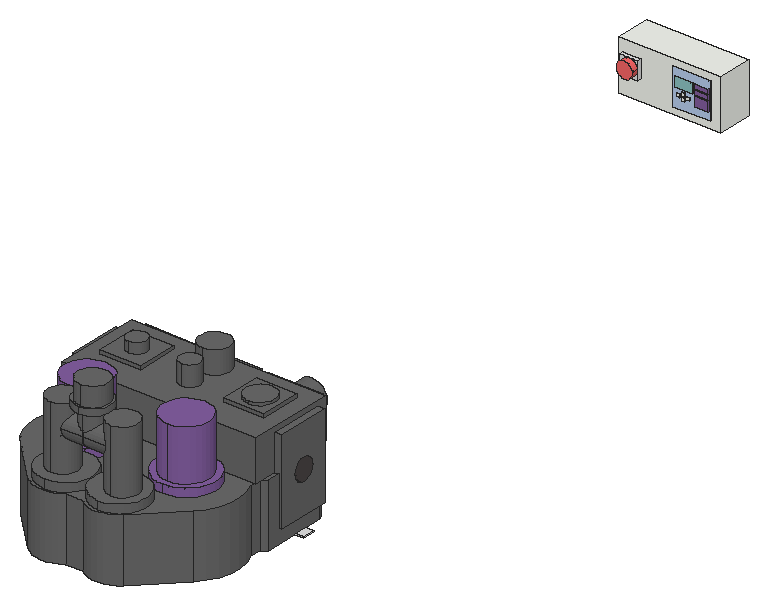
Revit family "11604", category Generic Models, Revit 2021
Family settings
  Can host rebar = No
  Round Connector Dimension = Use Diameter
  Part Type = Normal
  Work Plane-Based = No
  Always vertical = Yes
  Cut with Voids When Loaded = No
  Shared = Yes
  Room Calculation Point = No
Parameters (values of type "11604")
  SUPPLIER = "KESSEL"
  SA700ID50 = "intern"
  SA700ID49 = "Protection Class I"
  SA700ID48 = "no"
  SA700ID47 = "no"
  SA700ID46 = "yes"
  SA700ID37 = 8000 mm
  SA700ID34 = 40
  SA700ID33 = 1.4 W
  SA700ID32 = 62.98 kg
  SA700ID31 = 1
  SA700ID30 = 2
  SA700ID29 = "RWDR"
  SA700ID21 = 800
  SA700ID10 = "yes"
  SA700ID08 = 400 V
  PROCUREWEBLINK = "https://p.caden.as/kessel/11604"
  PROCURELINK = "p.caden.as/kessel/11604"
  PROCUREDATALASTUPDATE = "2024-05-22T12:17:39.630811596+01:00"
  PRC_SPECIFICATIONLINK = "https://ausschreiben.de/catalog/kessel/catalogItem/0b0832e0-ad5c-447e-a7d0-0f3059b07f0c"
  NN = "Lifting station Aqualift F"
  NBSYN = "$SA810ID03."
  NB = "11604"
  Model = "11604"
  Manufacturer = "KESSEL"
  MIdent = "{$CADENAS_DATA/23d-libs/kessel/kessel_vdi_import/4/entwaesserung/hebeanlage20aqualift20f.prj},197 {STYP=ASS},{VTYP=3D},{NB=11604},{LINA=11604},{NN=Lifting station Aqualift F},{DATE=21.11.2022 10:45:45},{GEOMDATE=21.11.2022 10:45:45},{VERSION=},{LINEID=80},{WBVAR=LODLEVEL},{WBNUMERIC=LODLEVEL}  {NB=11604},{LINA=11604},{KT=DUMMY},{PREVIEW=../../bilder/ksb_w_11604.png},{SA700ID04=Hebeanlage Aqualift F Duo, Comfort, SPF 1500-S1},{SA810ID06=04026092071021},{SA700ID34=40.00},{SA010ID03=201805},{SA810ID03=11604},{SA810ID10=Die Hebeanlage für fäkalienhaltiges und fäkalienfreies Abwasser ist mit zwei überflutbaren Pumpen sowie einem Rückflussverhinderer ausgestattet. Der Sammelbehälter aus dauerhaft beständigem Kunststoff (PE) bietet universale Anschlussmöglichkeiten und hat eine verschraubte Reinigungsöffnung.Die Steuerung erfolgt durch ein anwenderfreundliches Schaltgerät, das optional über einen potentialfreien Kontakt in die Gebäudeleittechnik eingebunden werden oder Alarm- und Sammelstörmeldungen über eine GSM-Schnittstelle (Comfort Schaltgerät) ausgeben kann.Ausführung:Absperreinrichtung: ohne SchieberAnlagenart: DoppelanlagePumpensteuerung: SchaltgerätRückflussverhinderer: integriertSchalldämmmatte: jaEinbausituation: freie AufstellungAbwasserart: fäkalienhaltigAllgemeine Merkmale:Farbe: schwarzNorm: EN 12050-1Abmessungen:Länge: 773 mmBreite: 780 mmHöhe: 539 mmBehälter/Grundkörper:Zulauf Anzahl: 2 STZulauf Nennweite (DN): 100 mmZulauf Nennweite (DA): 110 mmZulauf max. Anbohrung (DN): 150 mmAbstand Rohrsohle Zulauf zu Behälterboden: 245 mmAbstand Rohrmitte Zulauf zu Behälterboden: 300 mmAnschluss für Handmembranpumpe (DN): 32Behältervolumen: 120 lDruckabgang: senkrechtDruckabgang (DA): 110 mmDruckabgang (DN): 100 mmEntlüftungsanschluss (DN): 70 mmNutzvolumen: 50 lFreier Kugeldurchgang: 40 mmFördereinrichtung:Pumpe: SPF 1500Anzahl Pumpen: 2Förderhöhe max.: 8 mFörderleistung max.: 40 m3/hBetriebsart: S1Leistung P1: 1,4 kWLeistung P2: 1,1 kWDrehzahl: 1.415 U/minFörderguttemperatur (dauerhaft) max.: 40 °CAnschlusstyp: DirektanschlussGewicht: 27 kgLaufrad Typ: FreistromradLänge Netzanschlussleitung Pumpe: 5 mNennstrom: 2,7 ASchutzart Pumpe: IP 68 (3m/48h)Schutzklasse: ITyp Anschlussleitung Pumpe: H07RN-F 7G 1,5 mm2Temperaturüberwachung: integriertSteuerung:Schaltgerät: ComfortBetriebsspannung: 400 VNetzfrequenz: 50 HzSelbstdiagnosesystem (SDS): jaBatteriepufferung: jaMehrzeilige Displayanzeige: jaLogbuchfunktion: jaGSM-Schnittstelle: jaPotentialfreier Kontakt: jaErforderliche Absicherung (Leitungsschutz): 3 x C 16 AMotorschutz Schalter: jaSchutzart Schaltgerät: IP 54Länge Netzanschlussleitung Schaltgerät: 0 mArt Niveauerfassung: pneumatischInstrument Niveauerfassung: Tauchrohr mit DruckwächterAlarmgeber: Tauchrohr},{SA700ID37=8.00},{SA700ID33=1.40},{SA700ID08=400},{SA700ID30=2},{SA700ID32=62.98},{SA700ID49=Schutzklasse I},{SA700ID50=intern},{SA200ID03=6},{SA250ID03=vertikal},{SA260ID03=Trockenläuferpumpe},{SA350ID03=normalansaugend},{SA400ID03=E-Motor für Drehstrom},{SA460ID03=direkt},{SA500ID03=Kunststoff, Edelstahl},{SA700ID06=100},{SA700ID07=100},{SA700ID09=3/N/PE 400V},{SA700ID10=Ja},{SA700ID11=50},{SA700ID12=IP 68},{SA700ID13=F},{SA700ID15=40},{SA700ID21=800.00},{SA700ID22=1.10},{SA700ID23=1415},{SA700ID24=1415},{SA700ID26=2.70},{SA700ID27=21.00},{SA700ID28=durchgehend},{SA700ID29=RWDR},{SA700ID31=1},{SA700ID46=ja},{SA700ID47=nein},{SA700ID48=nein},{SA110ID04=Hebeanlage Aqualift F},{SA300ID03=einstufig},{SA700ID44=10.00},{SA700ID45=10.00},{SA010ID04=KESSEL AG},{LODLEVEL=200},{LINK=https://www.kessel.de/info?han=11604},{SA970ID01=970},{SA970ID02=7035},{SA970ID03=11604},{SA970ID04=11002617},{SA970ID05=QUAD},{SA970ID06=-410},{SA970ID07=-678},{SA970ID08=0},{SA970ID09=1},{SA970ID10=0},{SA970ID11=0},{SA970ID12=0},{SA970ID13=1},{SA970ID14=0},{SA970ID15=819.99},{SA970ID16=843},{SA970ID17=600},{LODLEVEL_=200,'Low'},{LODLEVEL_DEU=200,'Low'},{LINK_=https://www.kessel.de/info?han=11604},{LINK_DEU=https://www.kessel.de/info?han=11604},{LODLEVEL_3DB=11604_200},{DNIN1=100},{DNIN2=70},{DNIN3=10},{DNIN4=10},{DNIN5=10},{DNIN6=50},{DNIN7=50},{DNIN8=50},{DNIN9=50},{DNOUT1=100},{DNOUT2=70},{DNOUT3=32},{ISDIN1=75},{ISDIN2=83.200},{ISDIN3=10},{ISDOUT1=70.000},{ISDOUT2=73.200},{ISDOUT3=75},{SA010ID01=010},{SA010ID02=4},{SA010ID06=www.kessel.de},{SA010ID07=www.kessel.de},{SA010ID12=20180713},{SA010ID13=DEU},{SA010ID14=DE},{SA100ID01=100},{SA100ID02=4},{SA100ID04=Entwässerung},{SA110ID01=110},{SA110ID02=4},{SA200ID01=200},{SA200ID02=6},{SA250ID01=250},{SA250ID02=2},{SA260ID01=260},{SA260ID02=2},{SA300ID01=300},{SA300ID02=1},{SA350ID01=350},{SA350ID02=1},{SA400ID01=400},{SA400ID02=2},{SA460ID01=460},{SA460ID02=1},{SA500ID01=500},{SA500ID02=1},{SA700ID01=700},{SA700ID02=5},{SA700ID10_=1},{SA700ID16=0},{SA700ID25=0},{SA700ID46_=1},{SA700ID47_=0},{SA700ID48_=0},{SA700ID49_=1},{SA700ID50_=2},{SA800ID01=800},{SA800ID02=5},{SA810ID01=810},{SA810ID02=5},{SA810ID04=11604},{SA810ID07=5},{SA810ID09=1},{SA810ID14=PCE},{SA810ID15=1},{SA810ID16=NMP},{SA960ID03=5},{SA960ID04=3L},{SA960ID08=https://www.kessel.de/info?han=11604},{SA010ID08=4026092000007},{SA100ID05=Hebeanlage},{SA110ID06=Hebeanlage}"
  LINK = "https://www.kessel.de/info?han=11604"
  LINA = "11604"
  Default Elevation = 0 mm
  CREATOR = "CADENAS GmbH"
  CATALOG = "KESSEL"
  BOMINFO = "LINA"
  ARTICLENO = "NB"
  4.810.00.9 Order quantity (multiplicator) = "1"
  4.810.00.7 Media- connection number = "5"
  4.810.00.6 GTIN number = "04026092071021"
  4.810.00.4 DATANORM number = "11604"
  4.810.00.3 Producer order number = "11604"
  4.710.03.7 Mass (net) = 62.98 kg
  4.710.03.6 Height = 539 mm
  4.710.03.5 Width = 780 mm
  4.710.03.4 Length = 773 mm
  4.710.03.3 Type of dimensions = "2"
  4.710.02.8 Area of application of wastewater pump = "1"
  4.710.02.6 Duty type = "S1"
  4.710.02.5 Cutting device = "0"
  4.710.02.4 Attached pump control = "1"
  4.710.02.3 Free passage = 40 mm
  4.710.01.6 Option to connect to building automation = "40"
  4.710.01.5 Load regulation = "0"
  4.710.01.4 Designation of closed-loop control = "50"
  4.710.01.3 Identifier for closed-loop control = "120"
  4.700.00.9 Voltage = 0
  4.700.00.8 Nominal connection size on suction side = "100"
  4.700.00.7 Nominal connection size on pressure side = "100"
  4.700.00.6 Type of connection = "100"
  4.700.00.4 Product indentification = "Hebeanlage Aqualift F Duo, Comfort, SPF 1500-S1"
  4.700.00.28 Motor pump shaft = "durchgehend"
  4.700.00.27 Starting current = 21
  4.700.00.26 Maximum power consumption per pump / drive = 2.7
  4.700.00.25 Minimum speed at internal speed adjustment = 0
  4.700.00.24 Nominal speed / maximum speed n = 23.5833
  4.700.00.23 Nominal speed of motor = 23.5833
  4.700.00.22 Maximum shaft output (P2) per pump/drive = 1.1 W
  4.700.00.16 Maximum temperature of pumped medium = 0 °C
  4.700.00.15 Increased safety class = "40 °C"
  4.700.00.13 Type of protection = "F"
  4.700.00.12 Frequency = 0
  4.700.00.11 Stern-/Dreieck-Anlaufschaltung bei Dreiphasenanschluss oder Drehstrom = "50 Hz"
  4.700.00.10 Phase = "1"
  4.500.00.3 Variant / Variant type / Accessories-name = "Kunststoff, Edelstahl"
  4.460.00.3 Variant / Variant type / Accessories-name = "direkt"
  4.400.00.3 Variant / Variant type / Accessories-name = "E-Motor für Drehstrom"
  4.350.00.3 Variant / Variant type / Accessories-name = "normalansaugend"
  4.300.00.3 Variant / Variant type / Accessories-name = "einstufig"
  4.260.00.3 Variant / Variant type / Accessories-name = "Trockenläuferpumpe"
  4.250.00.3 Variant / Variant type / Accessories-name = "vertikal"
  4.200.00.3 Variant / Variant type / Accessories-name = "6"
  4.110.00.6 Product classification = "Hebeanlage"
  4.110.00.4 Product indentification = "Hebeanlage Aqualift F"
  4.100.00.5 Main groups of wares = "Hebeanlage"
  4.100.00.4 Product indentification = "Entwässerung"
  4.010.00.8 Producer ID number = "4026092000007"
  4.010.00.7 Comment = "www.kessel.de"
  4.010.00.6 Web address of the manufacturer = "www.kessel.de"
  4.010.00.4 Manufacturer name = "KESSEL AG"
  4.010.00.3 Date of issuance (month) of guideline = "201805"
  4.010.00.2 Sheet number of the guideline = "4"
  4.010.00.14 Kennungen der Projektländer, für die die Datei gültig ist = "DE"
  4.010.00.13 Sprache der Datei = "DEU"
  4.010.00.12 Stand des Herstellerkatalogs = "20180713"
Reference planes
  plane 1 "Center (Front/Back)": y = 0
  plane 2: z = 0
  plane 3 "Center (Left/Right)": x = 0
Dimensions and locks
  aligned and locked: level to plane 2
Nested families
  nested 1: "11604_content" at (0, 0, 0), type "11604_Content"
  nested 2: "11604_part1_X0Y0" at (1000, 1000, 1200), type "11604_PART1_X0Y0"
  nested 3: "11604_part2_X0Y0" at (0, 0, 0), type "11604_PART2_X0Y0"
Connectors
  electrical at (861, 933, 1201.5)
    settings: on nested 2, index 1, voltage 0 V, apparent load 0 VA, apparent load phase1 0 VA, apparent load phase2 0 VA, apparent load phase3 0 VA, power factor 1, load classification "Other", number of poles 1, system type 31, power factor state 1, is connector primary yes, connector utility no, sub classification motor no, connector description ""
  piping at (230, 164.99, 301), diameter 100
    settings: on nested 3, index 2, connector inside diameter 609.6 mm, connector length 0 mm, flow factor 0, pipe flow 0.0 L/s, pressure drop 0.0 Pa, fitting loss kfactor 0, connector angle 0.00°, fixture units 0, engagement length 0 mm, angle of deflection 0.00°, flow configuration 0, flow direction 1, fitting loss method 2, system type 29, joint type 0, gender type 0, connector reference index -1, connector utility 0, adjustable connector no, is connector primary yes, connector description ""
  piping at (0, 0, 471), diameter 100
    settings: on nested 3, index 3, connector inside diameter 609.6 mm, connector length 0 mm, flow factor 0, pipe flow 0.0 L/s, pressure drop 0.0 Pa, fitting loss kfactor 0, connector angle 0.00°, fixture units 0, engagement length 0 mm, angle of deflection 0.00°, flow configuration 0, flow direction 1, fitting loss method 2, system type 29, joint type 0, gender type 0, connector reference index -1, connector utility 0, adjustable connector no, is connector primary no, connector description ""
  piping at (391.5, -74.999, 214), diameter 70
    settings: on nested 3, index 4, connector inside diameter 609.6 mm, connector length 0 mm, flow factor 0, pipe flow 0.0 L/s, pressure drop 0.0 Pa, fitting loss kfactor 0, connector angle 0.00°, fixture units 0, engagement length 0 mm, angle of deflection 0.00°, flow configuration 0, flow direction 0, fitting loss method 2, system type 29, joint type 0, gender type 0, connector reference index -1, connector utility 0, adjustable connector no, is connector primary no, connector description ""
  piping at (0.999, 96.5, 214), diameter 70
    settings: on nested 3, index 5, connector inside diameter 609.6 mm, connector length 0 mm, flow factor 0, pipe flow 0.0 L/s, pressure drop 0.0 Pa, fitting loss kfactor 0, connector angle 0.00°, fixture units 0, engagement length 0 mm, angle of deflection 0.00°, flow configuration 0, flow direction 0, fitting loss method 2, system type 29, joint type 0, gender type 0, connector reference index -1, connector utility 0, adjustable connector no, is connector primary no, connector description ""
  piping at (-230.25, 91.49, 214), diameter 70
    settings: on nested 3, index 6, connector inside diameter 609.6 mm, connector length 0 mm, flow factor 0, pipe flow 0.0 L/s, pressure drop 0.0 Pa, fitting loss kfactor 0, connector angle 0.00°, fixture units 0, engagement length 0 mm, angle of deflection 0.00°, flow configuration 0, flow direction 0, fitting loss method 2, system type 29, joint type 0, gender type 0, connector reference index -1, connector utility 0, adjustable connector no, is connector primary no, connector description ""
  piping at (-391.5, -75, 214), diameter 70
    settings: on nested 3, index 7, connector inside diameter 609.6 mm, connector length 0 mm, flow factor 0, pipe flow 0.0 L/s, pressure drop 0.0 Pa, fitting loss kfactor 0, connector angle 0.00°, fixture units 0, engagement length 0 mm, angle of deflection 0.00°, flow configuration 0, flow direction 0, fitting loss method 2, system type 29, joint type 0, gender type 0, connector reference index -1, connector utility 0, adjustable connector no, is connector primary no, connector description ""
  piping at (0, -115, 461), diameter 70
    settings: on nested 3, index 8, connector inside diameter 609.6 mm, connector length 0 mm, flow factor 0, pipe flow 0.0 L/s, pressure drop 0.0 Pa, fitting loss kfactor 0, connector angle 0.00°, fixture units 0, engagement length 0 mm, angle of deflection 0.00°, flow configuration 0, flow direction 2, fitting loss method 2, system type 29, joint type 0, gender type 0, connector reference index -1, connector utility 0, adjustable connector no, is connector primary no, connector description ""
  piping at (0, -568, 600), diameter 100
    settings: on nested 3, index 9, connector inside diameter 609.6 mm, connector length 0 mm, flow factor 0, pipe flow 0.0 L/s, pressure drop 0.0 Pa, fitting loss kfactor 0, connector angle 0.00°, fixture units 0, engagement length 0 mm, angle of deflection 0.00°, flow configuration 0, flow direction 2, fitting loss method 2, system type 29, joint type 0, gender type 0, connector reference index -1, connector utility 0, adjustable connector no, is connector primary no, connector description ""
  piping at (230, 164.99, 81.07), diameter 32
    settings: on nested 3, index 10, connector inside diameter 609.6 mm, connector length 0 mm, flow factor 0, pipe flow 0.0 L/s, pressure drop 0.0 Pa, fitting loss kfactor 0, connector angle 0.00°, fixture units 0, engagement length 0 mm, angle of deflection 0.00°, flow configuration 0, flow direction 2, fitting loss method 2, system type 29, joint type 0, gender type 0, connector reference index -1, connector utility 0, adjustable connector no, is connector primary no, connector description ""
  electrical at (185, -365, 457)
    settings: on nested 3, index 11, voltage 0 V, apparent load 0 VA, apparent load phase1 0 VA, apparent load phase2 0 VA, apparent load phase3 0 VA, power factor 1, load classification "Other", number of poles 1, system type 31, power factor state 1, is connector primary no, connector utility no, sub classification motor no, connector description ""
  electrical at (-185, -364.75, 457)
    settings: on nested 3, index 12, voltage 0 V, apparent load 0 VA, apparent load phase1 0 VA, apparent load phase2 0 VA, apparent load phase3 0 VA, power factor 1, load classification "Other", number of poles 1, system type 31, power factor state 1, is connector primary no, connector utility no, sub classification motor no, connector description ""
  electrical at (-230.6, -74.8, 436.49)
    settings: on nested 3, index 13, voltage 0 V, apparent load 0 VA, apparent load phase1 0 VA, apparent load phase2 0 VA, apparent load phase3 0 VA, power factor 1, load classification "Other", number of poles 1, system type 31, power factor state 1, is connector primary no, connector utility no, sub classification motor no, connector description ""
Definition of nested family "11604_part1_X0Y0"
  Parameters (values of type "11604_PART1_X0Y0")
    SUPPLIER = "KESSEL"
    SA700ID50 = "intern"
    SA700ID49 = "Protection Class I"
    SA700ID48 = "no"
    SA700ID47 = "no"
    SA700ID46 = "yes"
    SA700ID37 = 8000 mm
    SA700ID34 = 40
    SA700ID33 = 1.4 W
    SA700ID32 = 62.98 kg
    SA700ID31 = 1
    SA700ID30 = 2
    SA700ID29 = "RWDR"
    SA700ID21 = 800
    SA700ID10 = "yes"
    SA700ID08 = 400 V
    NBSYN = "$SA810ID03._PART1"
    NB = "11604_PART1"
    Model = "11604_PART1"
    Manufacturer = "KESSEL"
    MIdent = "{$CADENAS_DATA/23d-libs/kessel/kessel_vdi_import/4/entwaesserung/hebeanlage20aqualift20f.prj},217 {VTYP=3D},{NB=11604_PART1},{LINA=11604_PART1},{NN=Lifting station Aqualift F_PART1},{NOPRJ=TRUE},{DATE=21.11.2022 10:45:45},{GEOMDATE=21.11.2022 10:45:45},{VERSION=},{LINEID=80},{WBVAR=LODLEVEL},{WBNUMERIC=LODLEVEL}  {NB=11604_PART1},{LINA=11604_PART1},{KT=DUMMY},{PREVIEW=../../bilder/ksb_w_11604.png},{SA700ID04=Hebeanlage Aqualift F Duo, Comfort, SPF 1500-S1},{SA810ID06=04026092071021},{SA700ID34=40.00},{SA010ID03=201805},{SA810ID03=11604},{SA810ID10=Die Hebeanlage für fäkalienhaltiges und fäkalienfreies Abwasser ist mit zwei überflutbaren Pumpen sowie einem Rückflussverhinderer ausgestattet. Der Sammelbehälter aus dauerhaft beständigem Kunststoff (PE) bietet universale Anschlussmöglichkeiten und hat eine verschraubte Reinigungsöffnung.Die Steuerung erfolgt durch ein anwenderfreundliches Schaltgerät, das optional über einen potentialfreien Kontakt in die Gebäudeleittechnik eingebunden werden oder Alarm- und Sammelstörmeldungen über eine GSM-Schnittstelle (Comfort Schaltgerät) ausgeben kann.Ausführung:Absperreinrichtung: ohne SchieberAnlagenart: DoppelanlagePumpensteuerung: SchaltgerätRückflussverhinderer: integriertSchalldämmmatte: jaEinbausituation: freie AufstellungAbwasserart: fäkalienhaltigAllgemeine Merkmale:Farbe: schwarzNorm: EN 12050-1Abmessungen:Länge: 773 mmBreite: 780 mmHöhe: 539 mmBehälter/Grundkörper:Zulauf Anzahl: 2 STZulauf Nennweite (DN): 100 mmZulauf Nennweite (DA): 110 mmZulauf max. Anbohrung (DN): 150 mmAbstand Rohrsohle Zulauf zu Behälterboden: 245 mmAbstand Rohrmitte Zulauf zu Behälterboden: 300 mmAnschluss für Handmembranpumpe (DN): 32Behältervolumen: 120 lDruckabgang: senkrechtDruckabgang (DA): 110 mmDruckabgang (DN): 100 mmEntlüftungsanschluss (DN): 70 mmNutzvolumen: 50 lFreier Kugeldurchgang: 40 mmFördereinrichtung:Pumpe: SPF 1500Anzahl Pumpen: 2Förderhöhe max.: 8 mFörderleistung max.: 40 m3/hBetriebsart: S1Leistung P1: 1,4 kWLeistung P2: 1,1 kWDrehzahl: 1.415 U/minFörderguttemperatur (dauerhaft) max.: 40 °CAnschlusstyp: DirektanschlussGewicht: 27 kgLaufrad Typ: FreistromradLänge Netzanschlussleitung Pumpe: 5 mNennstrom: 2,7 ASchutzart Pumpe: IP 68 (3m/48h)Schutzklasse: ITyp Anschlussleitung Pumpe: H07RN-F 7G 1,5 mm2Temperaturüberwachung: integriertSteuerung:Schaltgerät: ComfortBetriebsspannung: 400 VNetzfrequenz: 50 HzSelbstdiagnosesystem (SDS): jaBatteriepufferung: jaMehrzeilige Displayanzeige: jaLogbuchfunktion: jaGSM-Schnittstelle: jaPotentialfreier Kontakt: jaErforderliche Absicherung (Leitungsschutz): 3 x C 16 AMotorschutz Schalter: jaSchutzart Schaltgerät: IP 54Länge Netzanschlussleitung Schaltgerät: 0 mArt Niveauerfassung: pneumatischInstrument Niveauerfassung: Tauchrohr mit DruckwächterAlarmgeber: Tauchrohr},{SA700ID37=8.00},{SA700ID33=1.40},{SA700ID08=400},{SA700ID30=2},{SA700ID32=62.98},{SA700ID49=Schutzklasse I},{SA700ID50=intern},{SA200ID03=6},{SA250ID03=vertikal},{SA260ID03=Trockenläuferpumpe},{SA350ID03=normalansaugend},{SA400ID03=E-Motor für Drehstrom},{SA460ID03=direkt},{SA500ID03=Kunststoff, Edelstahl},{SA700ID06=100},{SA700ID07=100},{SA700ID09=3/N/PE 400V},{SA700ID10=Ja},{SA700ID11=50},{SA700ID12=IP 68},{SA700ID13=F},{SA700ID15=40},{SA700ID21=800.00},{SA700ID22=1.10},{SA700ID23=1415},{SA700ID24=1415},{SA700ID26=2.70},{SA700ID27=21.00},{SA700ID28=durchgehend},{SA700ID29=RWDR},{SA700ID31=1},{SA700ID46=ja},{SA700ID47=nein},{SA700ID48=nein},{SA110ID04=Hebeanlage Aqualift F},{SA300ID03=einstufig},{SA700ID44=10.00},{SA700ID45=10.00},{SA010ID04=KESSEL AG},{LODLEVEL=200},{LINK=https://www.kessel.de/info?han=11604},{SA970ID01=970},{SA970ID02=7035},{SA970ID03=11604},{SA970ID04=11002617},{SA970ID05=QUAD},{SA970ID06=-410},{SA970ID07=-678},{SA970ID08=0},{SA970ID09=1},{SA970ID10=0},{SA970ID11=0},{SA970ID12=0},{SA970ID13=1},{SA970ID14=0},{SA970ID15=819.99},{SA970ID16=843},{SA970ID17=600},{LODLEVEL_=200,'Low'},{LODLEVEL_DEU=200,'Low'},{LINK_=https://www.kessel.de/info?han=11604},{LINK_DEU=https://www.kessel.de/info?han=11604},{LODLEVEL_3DB=11604_200},{DNIN1=100},{DNIN2=70},{DNIN3=10},{DNIN4=10},{DNIN5=10},{DNIN6=50},{DNIN7=50},{DNIN8=50},{DNIN9=50},{DNOUT1=100},{DNOUT2=70},{DNOUT3=32},{ISDIN1=75},{ISDIN2=83.200},{ISDIN3=10},{ISDOUT1=70.000},{ISDOUT2=73.200},{ISDOUT3=75},{SA010ID01=010},{SA010ID02=4},{SA010ID06=www.kessel.de},{SA010ID07=www.kessel.de},{SA010ID12=20180713},{SA010ID13=DEU},{SA010ID14=DE},{SA100ID01=100},{SA100ID02=4},{SA100ID04=Entwässerung},{SA110ID01=110},{SA110ID02=4},{SA200ID01=200},{SA200ID02=6},{SA250ID01=250},{SA250ID02=2},{SA260ID01=260},{SA260ID02=2},{SA300ID01=300},{SA300ID02=1},{SA350ID01=350},{SA350ID02=1},{SA400ID01=400},{SA400ID02=2},{SA460ID01=460},{SA460ID02=1},{SA500ID01=500},{SA500ID02=1},{SA700ID01=700},{SA700ID02=5},{SA700ID10_=1},{SA700ID16=0},{SA700ID25=0},{SA700ID46_=1},{SA700ID47_=0},{SA700ID48_=0},{SA700ID49_=1},{SA700ID50_=2},{SA800ID01=800},{SA800ID02=5},{SA810ID01=810},{SA810ID02=5},{SA810ID04=11604},{SA810ID07=5},{SA810ID09=1},{SA810ID14=PCE},{SA810ID15=1},{SA810ID16=NMP},{SA960ID03=5},{SA960ID04=3L},{SA960ID08=https://www.kessel.de/info?han=11604},{SA010ID08=4026092000007},{SA100ID05=Hebeanlage},{SA110ID06=Hebeanlage}"
    LINK = "https://www.kessel.de/info?han=11604"
    LINA = "11604_PART1"
    Default Elevation = 1219.2 mm
    CREATOR = "CADENAS GmbH"
    CATALOG = "KESSEL"
    BOMINFO = "LINA"
    ARTICLENO = "NB"
    4.810.00.9 Order quantity (multiplicator) = "1"
    4.810.00.7 Media- connection number = "5"
    4.810.00.6 GTIN number = "04026092071021"
    4.810.00.4 DATANORM number = "11604"
    4.810.00.3 Producer order number = "11604"
    4.710.03.7 Mass (net) = 62.98 kg
    4.710.03.6 Height = 539 mm
    4.710.03.5 Width = 780 mm
    4.710.03.4 Length = 773 mm
    4.710.03.3 Type of dimensions = "2"
    4.710.02.8 Area of application of wastewater pump = "1"
    4.710.02.6 Duty type = "S1"
    4.710.02.5 Cutting device = "0"
    4.710.02.4 Attached pump control = "1"
    4.710.02.3 Free passage = 40 mm
    4.710.01.6 Option to connect to building automation = "40"
    4.710.01.5 Load regulation = "0"
    4.710.01.4 Designation of closed-loop control = "50"
    4.710.01.3 Identifier for closed-loop control = "120"
    4.700.00.9 Voltage = 0
    4.700.00.8 Nominal connection size on suction side = "100"
    4.700.00.7 Nominal connection size on pressure side = "100"
    4.700.00.6 Type of connection = "100"
    4.700.00.4 Product indentification = "Hebeanlage Aqualift F Duo, Comfort, SPF 1500-S1"
    4.700.00.28 Motor pump shaft = "durchgehend"
    4.700.00.27 Starting current = 21
    4.700.00.26 Maximum power consumption per pump / drive = 2.7
    4.700.00.25 Minimum speed at internal speed adjustment = 0
    4.700.00.24 Nominal speed / maximum speed n = 23.5833
    4.700.00.23 Nominal speed of motor = 23.5833
    4.700.00.22 Maximum shaft output (P2) per pump/drive = 1.1 W
    4.700.00.16 Maximum temperature of pumped medium = 0 °C
    4.700.00.15 Increased safety class = "40 °C"
    4.700.00.13 Type of protection = "F"
    4.700.00.12 Frequency = 0
    4.700.00.11 Stern-/Dreieck-Anlaufschaltung bei Dreiphasenanschluss oder Drehstrom = "50 Hz"
    4.700.00.10 Phase = "1"
    4.500.00.3 Variant / Variant type / Accessories-name = "Kunststoff, Edelstahl"
    4.460.00.3 Variant / Variant type / Accessories-name = "direkt"
    4.400.00.3 Variant / Variant type / Accessories-name = "E-Motor für Drehstrom"
    4.350.00.3 Variant / Variant type / Accessories-name = "normalansaugend"
    4.300.00.3 Variant / Variant type / Accessories-name = "einstufig"
    4.260.00.3 Variant / Variant type / Accessories-name = "Trockenläuferpumpe"
    4.250.00.3 Variant / Variant type / Accessories-name = "vertikal"
    4.200.00.3 Variant / Variant type / Accessories-name = "6"
    4.110.00.6 Product classification = "Hebeanlage"
    4.110.00.4 Product indentification = "Hebeanlage Aqualift F"
    4.100.00.5 Main groups of wares = "Hebeanlage"
    4.100.00.4 Product indentification = "Entwässerung"
    4.010.00.8 Producer ID number = "4026092000007"
    4.010.00.7 Comment = "www.kessel.de"
    4.010.00.6 Web address of the manufacturer = "www.kessel.de"
    4.010.00.4 Manufacturer name = "KESSEL AG"
    4.010.00.3 Date of issuance (month) of guideline = "201805"
    4.010.00.2 Sheet number of the guideline = "4"
    4.010.00.14 Kennungen der Projektländer, für die die Datei gültig ist = "DE"
    4.010.00.13 Sprache der Datei = "DEU"
    4.010.00.12 Stand des Herstellerkatalogs = "20180713"
  Reference planes
    plane 1 "Center (Front/Back)": y = 0
    plane 2: z = 0
    plane 3 "Center (Left/Right)": x = 0
  Dimensions and locks
    aligned and locked: level to plane 2
  Nested families
    nested 1: "11604_part1_content" at (0, 0, 0), type "11604_PART1_Content"
  Definition of nested family "11604_part1_content"
    Parameters (values of type "11604_PART1_Content")
      SUPPLIER = "KESSEL"
      SA700ID50 = "intern"
      SA700ID49 = "Protection Class I"
      SA700ID48 = "no"
      SA700ID47 = "no"
      SA700ID46 = "yes"
      SA700ID37 = 8000 mm
      SA700ID34 = 40
      SA700ID33 = 1.4 W
      SA700ID32 = 62.98 kg
      SA700ID31 = 1
      SA700ID30 = 2
      SA700ID29 = "RWDR"
      SA700ID21 = 800
      SA700ID10 = "yes"
      SA700ID08 = 400 V
      NBSYN = "$SA810ID03._PART1"
      NB = "11604_PART1"
      Model = "11604_PART1"
      Manufacturer = "KESSEL"
      LINK = "https://www.kessel.de/info?han=11604"
      LINA = "11604_PART1"
      Default Elevation = 1219.2 mm
      CREATOR = "CADENAS GmbH"
      CATALOG = "KESSEL"
      BOMINFO = "LINA"
      ARTICLENO = "NB"
      4.810.00.9 Order quantity (multiplicator) = "1"
      4.810.00.7 Media- connection number = "5"
      4.810.00.6 GTIN number = "04026092071021"
      4.810.00.4 DATANORM number = "11604"
      4.810.00.3 Producer order number = "11604"
      4.710.03.7 Mass (net) = 62.98 kg
      4.710.03.6 Height = 539 mm
      4.710.03.5 Width = 780 mm
      4.710.03.4 Length = 773 mm
      4.710.03.3 Type of dimensions = "2"
      4.710.02.8 Area of application of wastewater pump = "1"
      4.710.02.6 Duty type = "S1"
      4.710.02.5 Cutting device = "0"
      4.710.02.4 Attached pump control = "1"
      4.710.02.3 Free passage = 40 mm
      4.710.01.6 Option to connect to building automation = "40"
      4.710.01.5 Load regulation = "0"
      4.710.01.4 Designation of closed-loop control = "50"
      4.710.01.3 Identifier for closed-loop control = "120"
      4.700.00.9 Voltage = 0
      4.700.00.8 Nominal connection size on suction side = "100"
      4.700.00.7 Nominal connection size on pressure side = "100"
      4.700.00.6 Type of connection = "100"
      4.700.00.4 Product indentification = "Hebeanlage Aqualift F Duo, Comfort, SPF 1500-S1"
      4.700.00.28 Motor pump shaft = "durchgehend"
      4.700.00.27 Starting current = 21
      4.700.00.26 Maximum power consumption per pump / drive = 2.7
      4.700.00.25 Minimum speed at internal speed adjustment = 0
      4.700.00.24 Nominal speed / maximum speed n = 23.5833
      4.700.00.23 Nominal speed of motor = 23.5833
      4.700.00.22 Maximum shaft output (P2) per pump/drive = 1.1 W
      4.700.00.16 Maximum temperature of pumped medium = 0 °C
      4.700.00.15 Increased safety class = "40 °C"
      4.700.00.13 Type of protection = "F"
      4.700.00.12 Frequency = 0
      4.700.00.11 Stern-/Dreieck-Anlaufschaltung bei Dreiphasenanschluss oder Drehstrom = "50 Hz"
      4.700.00.10 Phase = "1"
      4.500.00.3 Variant / Variant type / Accessories-name = "Kunststoff, Edelstahl"
      4.460.00.3 Variant / Variant type / Accessories-name = "direkt"
      4.400.00.3 Variant / Variant type / Accessories-name = "E-Motor für Drehstrom"
      4.350.00.3 Variant / Variant type / Accessories-name = "normalansaugend"
      4.300.00.3 Variant / Variant type / Accessories-name = "einstufig"
      4.260.00.3 Variant / Variant type / Accessories-name = "Trockenläuferpumpe"
      4.250.00.3 Variant / Variant type / Accessories-name = "vertikal"
      4.200.00.3 Variant / Variant type / Accessories-name = "6"
      4.110.00.6 Product classification = "Hebeanlage"
      4.110.00.4 Product indentification = "Hebeanlage Aqualift F"
      4.100.00.5 Main groups of wares = "Hebeanlage"
      4.100.00.4 Product indentification = "Entwässerung"
      4.010.00.8 Producer ID number = "4026092000007"
      4.010.00.7 Comment = "www.kessel.de"
      4.010.00.6 Web address of the manufacturer = "www.kessel.de"
      4.010.00.4 Manufacturer name = "KESSEL AG"
      4.010.00.3 Date of issuance (month) of guideline = "201805"
      4.010.00.2 Sheet number of the guideline = "4"
      4.010.00.14 Kennungen der Projektländer, für die die Datei gültig ist = "DE"
      4.010.00.13 Sprache der Datei = "DEU"
      4.010.00.12 Stand des Herstellerkatalogs = "20180713"
    Reference planes
      plane 1 "Center (Front/Back)": y = 0
      plane 2: z = 0
      plane 3 "Center (Left/Right)": x = 0
    Forms (mm)
      Extrusion 1, solid, detail levels medium+fine
        sketch origin (189.25, -1.75, 0.2) x (0, -1, 0) y (0, 0, 1)
          loop
            line (0, 187.8) -> (0, 0) -> (127.75, 0) -> (127.75, 187.8) -> (0, 187.8)
        from 0 to 378.5
      Extrusion 2, solid, detail levels medium+fine
        sketch origin (-4, -67, 0) x (0, 1, 0) y (-1, 0, 0)
          loop
            circle (0, 0) r 12.5
        from 0 to 1.5
      Extrusion 3, solid, detail levels medium+fine
        sketch origin (150.8, -129.5, 26.5) x (0, -1, 0) y (0, 0, 1)
          loop
            line (-1.2, 134.8) -> (-1.2, 0) -> (0.25, 0) -> (0.25, 134.8) -> (-1.2, 134.8)
        from 0 to 139.9
      Extrusion 4, solid, detail levels medium+fine
        sketch origin (72.55, -129.75, 66) x (0, -1, 0) y (0, 0, 1)
          loop
            line (-1, 12) -> (-1, 0) -> (0.5, 0) -> (0.5, 12) -> (-1, 12)
        from 0 to 12
      Extrusion 5, solid, detail levels medium+fine
        sketch origin (84.45, -129.75, 93.4) x (0, -1, 0) y (0, 0, 1)
          loop
            line (-1, 37) -> (-1, 0) -> (0.5, 0) -> (0.5, 37) -> (-1, 37)
        from 0 to 66
      Extrusion 6, solid, detail levels medium+fine
        sketch origin (55.3, -129.75, 74) x (0, -1, 0) y (0, 0, 1)
          loop
            line (-1, 12) -> (-1, 0) -> (0.5, 0) -> (0.5, 12) -> (-1, 12)
        from 0 to 12
      Extrusion 7, solid, detail levels medium+fine
        sketch origin (143.3, -129.75, 94.4) x (0, -1, 0) y (0, 0, 1)
          loop
            line (0, 16) -> (0, 0) -> (1.75, 0) -> (1.75, 16) -> (0, 16)
        from 0 to 51
      Extrusion 8, solid, detail levels medium+fine
        sketch origin (143.3, -129.75, 54.4) x (0, -1, 0) y (0, 0, 1)
          loop
            line (0, 36) -> (0, 0) -> (1.75, 0) -> (1.75, 36) -> (0, 36)
        from 0 to 51
      Extrusion 9, solid, detail levels medium+fine
        sketch origin (55.3, -129.75, 57.5) x (0, -1, 0) y (0, 0, 1)
          loop
            line (-1, 12) -> (-1, 0) -> (0.5, 0) -> (0.5, 12) -> (-1, 12)
        from 0 to 12
      Extrusion 10, solid, detail levels medium+fine
        sketch origin (143.3, -129.75, 114.4) x (0, -1, 0) y (0, 0, 1)
          loop
            line (0, 16) -> (0, 0) -> (1.75, 0) -> (1.75, 16) -> (0, 16)
        from 0 to 51
      Extrusion 11, solid, detail levels medium+fine
        sketch origin (38.05, -129.75, 66) x (0, -1, 0) y (0, 0, 1)
          loop
            line (-1, 12) -> (-1, 0) -> (0.5, 0) -> (0.5, 12) -> (-1, 12)
        from 0 to 12
      Extrusion 12, solid, detail levels medium+fine
        sketch origin (47, -72, 0) x (0, 1, 0) y (-1, 0, 0)
          loop
            circle (0, 0) r 8
        from 0 to 1.5
      Extrusion 13, solid, detail levels medium+fine
        sketch origin (47, -42, 0) x (0, 1, 0) y (-1, 0, 0)
          loop
            circle (0, 0) r 5.25
        from 0 to 1.5
      Extrusion 14, solid, detail levels medium+fine
        sketch origin (77, -72, 0) x (0, 1, 0) y (-1, 0, 0)
          loop
            circle (0, 0) r 8
        from 0 to 1.5
      Extrusion 15, solid, detail levels medium+fine
        sketch origin (-94, -67, 0) x (0, 1, 0) y (-1, 0, 0)
          loop
            circle (0, 0) r 12.5
        from 0 to 1.5
      Extrusion 16, solid, detail levels medium+fine
        sketch origin (92, -42, 0) x (0, 1, 0) y (-1, 0, 0)
          loop
            circle (0, 0) r 8
        from 0 to 1.5
      Extrusion 17, solid, detail levels medium+fine
        sketch origin (107, -72, 0) x (0, 1, 0) y (-1, 0, 0)
          loop
            circle (0, 0) r 8
        from 0 to 1.5
      Extrusion 18, solid, detail levels medium+fine
        sketch origin (122, -42, 0) x (0, 1, 0) y (-1, 0, 0)
          loop
            circle (0, 0) r 8
        from 0 to 1.5
      Extrusion 19, solid, detail levels medium+fine
        sketch origin (-107.7, -129.5, 76.9) x (0, -1, 0) y (0, 0, 1)
          loop
            line (0, 67) -> (0, 0) -> (14, 0) -> (14, 67) -> (0, 67)
        from 0 to 67
      Extrusion 20, solid, detail levels medium+fine
        sketch origin (-141.2, -143.5, 110.4) x (1, 0, 0) y (0, 0, 1)
          loop
            circle (0, 0) r 30
        from 0 to 22
      Extrusion 21, solid, detail levels medium+fine
        sketch origin (127, -15, 0) x (0, 1, 0) y (-1, 0, 0)
          loop
            circle (0, 0) r 6
        from 0 to 1.5
      Extrusion 22, solid, detail levels medium+fine
        sketch origin (137, -72, 0) x (0, 1, 0) y (-1, 0, 0)
          loop
            circle (0, 0) r 8
        from 0 to 1.5
      Extrusion 23, solid, detail levels medium+fine
        sketch origin (-139, -67, 0) x (0, 1, 0) y (-1, 0, 0)
          loop
            circle (0, 0) r 12.5
        from 0 to 1.5
      Extrusion 24, solid, detail levels medium+fine
        sketch origin (152, -42, 0) x (0, 1, 0) y (-1, 0, 0)
          loop
            circle (0, 0) r 8
        from 0 to 1.5
      Extrusion 25, solid, detail levels coarse
        sketch origin (0, -83.625, 0) x (1, 0, 0) y (0, 1, 0)
          loop
            line (-189.25, -81.875) -> (189.25, -81.875) -> (189.25, 81.875) -> (-189.25, 81.875) -> (-189.25, -81.875)
        from 0 to 188
    Dimensions and locks
      aligned and locked: level to plane 2
Definition of nested family "11604_part2_X0Y0"
  Parameters (values of type "11604_PART2_X0Y0")
    SUPPLIER = "KESSEL"
    SA700ID50 = "intern"
    SA700ID49 = "Protection Class I"
    SA700ID48 = "no"
    SA700ID47 = "no"
    SA700ID46 = "yes"
    SA700ID37 = 8000 mm
    SA700ID34 = 40
    SA700ID33 = 1.4 W
    SA700ID32 = 62.98 kg
    SA700ID31 = 1
    SA700ID30 = 2
    SA700ID29 = "RWDR"
    SA700ID21 = 800
    SA700ID10 = "yes"
    SA700ID08 = 400 V
    NBSYN = "$SA810ID03._PART2"
    NB = "11604_PART2"
    Model = "11604_PART2"
    Manufacturer = "KESSEL"
    MIdent = "{$CADENAS_DATA/23d-libs/kessel/kessel_vdi_import/4/entwaesserung/hebeanlage20aqualift20f.prj},217 {VTYP=3D},{NB=11604_PART2},{LINA=11604_PART2},{NN=Lifting station Aqualift F_PART2},{NOPRJ=TRUE},{DATE=21.11.2022 10:45:45},{GEOMDATE=21.11.2022 10:45:45},{VERSION=},{LINEID=80},{WBVAR=LODLEVEL},{WBNUMERIC=LODLEVEL}  {NB=11604_PART2},{LINA=11604_PART2},{KT=DUMMY},{PREVIEW=../../bilder/ksb_w_11604.png},{SA700ID04=Hebeanlage Aqualift F Duo, Comfort, SPF 1500-S1},{SA810ID06=04026092071021},{SA700ID34=40.00},{SA010ID03=201805},{SA810ID03=11604},{SA810ID10=Die Hebeanlage für fäkalienhaltiges und fäkalienfreies Abwasser ist mit zwei überflutbaren Pumpen sowie einem Rückflussverhinderer ausgestattet. Der Sammelbehälter aus dauerhaft beständigem Kunststoff (PE) bietet universale Anschlussmöglichkeiten und hat eine verschraubte Reinigungsöffnung.Die Steuerung erfolgt durch ein anwenderfreundliches Schaltgerät, das optional über einen potentialfreien Kontakt in die Gebäudeleittechnik eingebunden werden oder Alarm- und Sammelstörmeldungen über eine GSM-Schnittstelle (Comfort Schaltgerät) ausgeben kann.Ausführung:Absperreinrichtung: ohne SchieberAnlagenart: DoppelanlagePumpensteuerung: SchaltgerätRückflussverhinderer: integriertSchalldämmmatte: jaEinbausituation: freie AufstellungAbwasserart: fäkalienhaltigAllgemeine Merkmale:Farbe: schwarzNorm: EN 12050-1Abmessungen:Länge: 773 mmBreite: 780 mmHöhe: 539 mmBehälter/Grundkörper:Zulauf Anzahl: 2 STZulauf Nennweite (DN): 100 mmZulauf Nennweite (DA): 110 mmZulauf max. Anbohrung (DN): 150 mmAbstand Rohrsohle Zulauf zu Behälterboden: 245 mmAbstand Rohrmitte Zulauf zu Behälterboden: 300 mmAnschluss für Handmembranpumpe (DN): 32Behältervolumen: 120 lDruckabgang: senkrechtDruckabgang (DA): 110 mmDruckabgang (DN): 100 mmEntlüftungsanschluss (DN): 70 mmNutzvolumen: 50 lFreier Kugeldurchgang: 40 mmFördereinrichtung:Pumpe: SPF 1500Anzahl Pumpen: 2Förderhöhe max.: 8 mFörderleistung max.: 40 m3/hBetriebsart: S1Leistung P1: 1,4 kWLeistung P2: 1,1 kWDrehzahl: 1.415 U/minFörderguttemperatur (dauerhaft) max.: 40 °CAnschlusstyp: DirektanschlussGewicht: 27 kgLaufrad Typ: FreistromradLänge Netzanschlussleitung Pumpe: 5 mNennstrom: 2,7 ASchutzart Pumpe: IP 68 (3m/48h)Schutzklasse: ITyp Anschlussleitung Pumpe: H07RN-F 7G 1,5 mm2Temperaturüberwachung: integriertSteuerung:Schaltgerät: ComfortBetriebsspannung: 400 VNetzfrequenz: 50 HzSelbstdiagnosesystem (SDS): jaBatteriepufferung: jaMehrzeilige Displayanzeige: jaLogbuchfunktion: jaGSM-Schnittstelle: jaPotentialfreier Kontakt: jaErforderliche Absicherung (Leitungsschutz): 3 x C 16 AMotorschutz Schalter: jaSchutzart Schaltgerät: IP 54Länge Netzanschlussleitung Schaltgerät: 0 mArt Niveauerfassung: pneumatischInstrument Niveauerfassung: Tauchrohr mit DruckwächterAlarmgeber: Tauchrohr},{SA700ID37=8.00},{SA700ID33=1.40},{SA700ID08=400},{SA700ID30=2},{SA700ID32=62.98},{SA700ID49=Schutzklasse I},{SA700ID50=intern},{SA200ID03=6},{SA250ID03=vertikal},{SA260ID03=Trockenläuferpumpe},{SA350ID03=normalansaugend},{SA400ID03=E-Motor für Drehstrom},{SA460ID03=direkt},{SA500ID03=Kunststoff, Edelstahl},{SA700ID06=100},{SA700ID07=100},{SA700ID09=3/N/PE 400V},{SA700ID10=Ja},{SA700ID11=50},{SA700ID12=IP 68},{SA700ID13=F},{SA700ID15=40},{SA700ID21=800.00},{SA700ID22=1.10},{SA700ID23=1415},{SA700ID24=1415},{SA700ID26=2.70},{SA700ID27=21.00},{SA700ID28=durchgehend},{SA700ID29=RWDR},{SA700ID31=1},{SA700ID46=ja},{SA700ID47=nein},{SA700ID48=nein},{SA110ID04=Hebeanlage Aqualift F},{SA300ID03=einstufig},{SA700ID44=10.00},{SA700ID45=10.00},{SA010ID04=KESSEL AG},{LODLEVEL=200},{LINK=https://www.kessel.de/info?han=11604},{SA970ID01=970},{SA970ID02=7035},{SA970ID03=11604},{SA970ID04=11002617},{SA970ID05=QUAD},{SA970ID06=-410},{SA970ID07=-678},{SA970ID08=0},{SA970ID09=1},{SA970ID10=0},{SA970ID11=0},{SA970ID12=0},{SA970ID13=1},{SA970ID14=0},{SA970ID15=819.99},{SA970ID16=843},{SA970ID17=600},{LODLEVEL_=200,'Low'},{LODLEVEL_DEU=200,'Low'},{LINK_=https://www.kessel.de/info?han=11604},{LINK_DEU=https://www.kessel.de/info?han=11604},{LODLEVEL_3DB=11604_200},{DNIN1=100},{DNIN2=70},{DNIN3=10},{DNIN4=10},{DNIN5=10},{DNIN6=50},{DNIN7=50},{DNIN8=50},{DNIN9=50},{DNOUT1=100},{DNOUT2=70},{DNOUT3=32},{ISDIN1=75},{ISDIN2=83.200},{ISDIN3=10},{ISDOUT1=70.000},{ISDOUT2=73.200},{ISDOUT3=75},{SA010ID01=010},{SA010ID02=4},{SA010ID06=www.kessel.de},{SA010ID07=www.kessel.de},{SA010ID12=20180713},{SA010ID13=DEU},{SA010ID14=DE},{SA100ID01=100},{SA100ID02=4},{SA100ID04=Entwässerung},{SA110ID01=110},{SA110ID02=4},{SA200ID01=200},{SA200ID02=6},{SA250ID01=250},{SA250ID02=2},{SA260ID01=260},{SA260ID02=2},{SA300ID01=300},{SA300ID02=1},{SA350ID01=350},{SA350ID02=1},{SA400ID01=400},{SA400ID02=2},{SA460ID01=460},{SA460ID02=1},{SA500ID01=500},{SA500ID02=1},{SA700ID01=700},{SA700ID02=5},{SA700ID10_=1},{SA700ID16=0},{SA700ID25=0},{SA700ID46_=1},{SA700ID47_=0},{SA700ID48_=0},{SA700ID49_=1},{SA700ID50_=2},{SA800ID01=800},{SA800ID02=5},{SA810ID01=810},{SA810ID02=5},{SA810ID04=11604},{SA810ID07=5},{SA810ID09=1},{SA810ID14=PCE},{SA810ID15=1},{SA810ID16=NMP},{SA960ID03=5},{SA960ID04=3L},{SA960ID08=https://www.kessel.de/info?han=11604},{SA010ID08=4026092000007},{SA100ID05=Hebeanlage},{SA110ID06=Hebeanlage}"
    LINK = "https://www.kessel.de/info?han=11604"
    LINA = "11604_PART2"
    Default Elevation = 1219.2 mm
    CREATOR = "CADENAS GmbH"
    CATALOG = "KESSEL"
    BOMINFO = "LINA"
    ARTICLENO = "NB"
    4.810.00.9 Order quantity (multiplicator) = "1"
    4.810.00.7 Media- connection number = "5"
    4.810.00.6 GTIN number = "04026092071021"
    4.810.00.4 DATANORM number = "11604"
    4.810.00.3 Producer order number = "11604"
    4.710.03.7 Mass (net) = 62.98 kg
    4.710.03.6 Height = 539 mm
    4.710.03.5 Width = 780 mm
    4.710.03.4 Length = 773 mm
    4.710.03.3 Type of dimensions = "2"
    4.710.02.8 Area of application of wastewater pump = "1"
    4.710.02.6 Duty type = "S1"
    4.710.02.5 Cutting device = "0"
    4.710.02.4 Attached pump control = "1"
    4.710.02.3 Free passage = 40 mm
    4.710.01.6 Option to connect to building automation = "40"
    4.710.01.5 Load regulation = "0"
    4.710.01.4 Designation of closed-loop control = "50"
    4.710.01.3 Identifier for closed-loop control = "120"
    4.700.00.9 Voltage = 0
    4.700.00.8 Nominal connection size on suction side = "100"
    4.700.00.7 Nominal connection size on pressure side = "100"
    4.700.00.6 Type of connection = "100"
    4.700.00.4 Product indentification = "Hebeanlage Aqualift F Duo, Comfort, SPF 1500-S1"
    4.700.00.28 Motor pump shaft = "durchgehend"
    4.700.00.27 Starting current = 21
    4.700.00.26 Maximum power consumption per pump / drive = 2.7
    4.700.00.25 Minimum speed at internal speed adjustment = 0
    4.700.00.24 Nominal speed / maximum speed n = 23.5833
    4.700.00.23 Nominal speed of motor = 23.5833
    4.700.00.22 Maximum shaft output (P2) per pump/drive = 1.1 W
    4.700.00.16 Maximum temperature of pumped medium = 0 °C
    4.700.00.15 Increased safety class = "40 °C"
    4.700.00.13 Type of protection = "F"
    4.700.00.12 Frequency = 0
    4.700.00.11 Stern-/Dreieck-Anlaufschaltung bei Dreiphasenanschluss oder Drehstrom = "50 Hz"
    4.700.00.10 Phase = "1"
    4.500.00.3 Variant / Variant type / Accessories-name = "Kunststoff, Edelstahl"
    4.460.00.3 Variant / Variant type / Accessories-name = "direkt"
    4.400.00.3 Variant / Variant type / Accessories-name = "E-Motor für Drehstrom"
    4.350.00.3 Variant / Variant type / Accessories-name = "normalansaugend"
    4.300.00.3 Variant / Variant type / Accessories-name = "einstufig"
    4.260.00.3 Variant / Variant type / Accessories-name = "Trockenläuferpumpe"
    4.250.00.3 Variant / Variant type / Accessories-name = "vertikal"
    4.200.00.3 Variant / Variant type / Accessories-name = "6"
    4.110.00.6 Product classification = "Hebeanlage"
    4.110.00.4 Product indentification = "Hebeanlage Aqualift F"
    4.100.00.5 Main groups of wares = "Hebeanlage"
    4.100.00.4 Product indentification = "Entwässerung"
    4.010.00.8 Producer ID number = "4026092000007"
    4.010.00.7 Comment = "www.kessel.de"
    4.010.00.6 Web address of the manufacturer = "www.kessel.de"
    4.010.00.4 Manufacturer name = "KESSEL AG"
    4.010.00.3 Date of issuance (month) of guideline = "201805"
    4.010.00.2 Sheet number of the guideline = "4"
    4.010.00.14 Kennungen der Projektländer, für die die Datei gültig ist = "DE"
    4.010.00.13 Sprache der Datei = "DEU"
    4.010.00.12 Stand des Herstellerkatalogs = "20180713"
  Reference planes
    plane 1 "Center (Front/Back)": y = 0
    plane 2: z = 0
    plane 3 "Center (Left/Right)": x = 0
  Dimensions and locks
    aligned and locked: level to plane 2
  Nested families
    nested 1: "11604_part2_content" at (0, 0, 0), type "11604_PART2_Content"
  Definition of nested family "11604_part2_content"
    Parameters (values of type "11604_PART2_Content")
      SUPPLIER = "KESSEL"
      SA700ID50 = "intern"
      SA700ID49 = "Protection Class I"
      SA700ID48 = "no"
      SA700ID47 = "no"
      SA700ID46 = "yes"
      SA700ID37 = 8000 mm
      SA700ID34 = 40
      SA700ID33 = 1.4 W
      SA700ID32 = 62.98 kg
      SA700ID31 = 1
      SA700ID30 = 2
      SA700ID29 = "RWDR"
      SA700ID21 = 800
      SA700ID10 = "yes"
      SA700ID08 = 400 V
      NBSYN = "$SA810ID03._PART2"
      NB = "11604_PART2"
      Model = "11604_PART2"
      Manufacturer = "KESSEL"
      LINK = "https://www.kessel.de/info?han=11604"
      LINA = "11604_PART2"
      Default Elevation = 1219.2 mm
      CREATOR = "CADENAS GmbH"
      CATALOG = "KESSEL"
      BOMINFO = "LINA"
      ARTICLENO = "NB"
      4.810.00.9 Order quantity (multiplicator) = "1"
      4.810.00.7 Media- connection number = "5"
      4.810.00.6 GTIN number = "04026092071021"
      4.810.00.4 DATANORM number = "11604"
      4.810.00.3 Producer order number = "11604"
      4.710.03.7 Mass (net) = 62.98 kg
      4.710.03.6 Height = 539 mm
      4.710.03.5 Width = 780 mm
      4.710.03.4 Length = 773 mm
      4.710.03.3 Type of dimensions = "2"
      4.710.02.8 Area of application of wastewater pump = "1"
      4.710.02.6 Duty type = "S1"
      4.710.02.5 Cutting device = "0"
      4.710.02.4 Attached pump control = "1"
      4.710.02.3 Free passage = 40 mm
      4.710.01.6 Option to connect to building automation = "40"
      4.710.01.5 Load regulation = "0"
      4.710.01.4 Designation of closed-loop control = "50"
      4.710.01.3 Identifier for closed-loop control = "120"
      4.700.00.9 Voltage = 0
      4.700.00.8 Nominal connection size on suction side = "100"
      4.700.00.7 Nominal connection size on pressure side = "100"
      4.700.00.6 Type of connection = "100"
      4.700.00.4 Product indentification = "Hebeanlage Aqualift F Duo, Comfort, SPF 1500-S1"
      4.700.00.28 Motor pump shaft = "durchgehend"
      4.700.00.27 Starting current = 21
      4.700.00.26 Maximum power consumption per pump / drive = 2.7
      4.700.00.25 Minimum speed at internal speed adjustment = 0
      4.700.00.24 Nominal speed / maximum speed n = 23.5833
      4.700.00.23 Nominal speed of motor = 23.5833
      4.700.00.22 Maximum shaft output (P2) per pump/drive = 1.1 W
      4.700.00.16 Maximum temperature of pumped medium = 0 °C
      4.700.00.15 Increased safety class = "40 °C"
      4.700.00.13 Type of protection = "F"
      4.700.00.12 Frequency = 0
      4.700.00.11 Stern-/Dreieck-Anlaufschaltung bei Dreiphasenanschluss oder Drehstrom = "50 Hz"
      4.700.00.10 Phase = "1"
      4.500.00.3 Variant / Variant type / Accessories-name = "Kunststoff, Edelstahl"
      4.460.00.3 Variant / Variant type / Accessories-name = "direkt"
      4.400.00.3 Variant / Variant type / Accessories-name = "E-Motor für Drehstrom"
      4.350.00.3 Variant / Variant type / Accessories-name = "normalansaugend"
      4.300.00.3 Variant / Variant type / Accessories-name = "einstufig"
      4.260.00.3 Variant / Variant type / Accessories-name = "Trockenläuferpumpe"
      4.250.00.3 Variant / Variant type / Accessories-name = "vertikal"
      4.200.00.3 Variant / Variant type / Accessories-name = "6"
      4.110.00.6 Product classification = "Hebeanlage"
      4.110.00.4 Product indentification = "Hebeanlage Aqualift F"
      4.100.00.5 Main groups of wares = "Hebeanlage"
      4.100.00.4 Product indentification = "Entwässerung"
      4.010.00.8 Producer ID number = "4026092000007"
      4.010.00.7 Comment = "www.kessel.de"
      4.010.00.6 Web address of the manufacturer = "www.kessel.de"
      4.010.00.4 Manufacturer name = "KESSEL AG"
      4.010.00.3 Date of issuance (month) of guideline = "201805"
      4.010.00.2 Sheet number of the guideline = "4"
      4.010.00.14 Kennungen der Projektländer, für die die Datei gültig ist = "DE"
      4.010.00.13 Sprache der Datei = "DEU"
      4.010.00.12 Stand des Herstellerkatalogs = "20180713"
    Reference planes
      plane 1 "Center (Front/Back)": y = 0
      plane 2: z = 0
      plane 3 "Center (Left/Right)": x = 0
    Forms (mm)
      Extrusion 1, solid, detail levels medium+fine
        sketch origin (0, -568, 1) x (1, 0, 0) y (0, 1, 0)
          loop
            arc (-359.63, 289.09) -> (-377.037, 171.688) -> (-322.8, 66.12) r 193.985
            line (-322.8, 66.12) -> (-178.896, -77.784)
            arc (-178.896, -77.784) -> (-106.491, -109.869) -> (-31.3, -85) r 109.994
            line (-31.3, -85) -> (30.05, -85)
            arc (30.05, -85) -> (105.241, -109.869) -> (177.646, -77.784) r 109.994
            line (177.646, -77.784) -> (321.55, 66.12)
            arc (321.55, 66.12) -> (375.787, 171.688) -> (358.38, 289.09) r 193.985
            line (358.38, 289.09) -> (358.38, 329.14)
            arc (358.38, 329.14) -> (369.106, 336.803) -> (377.46, 347) r 50.072
            line (377.46, 347) -> (377.46, 585.43)
            arc (377.46, 585.43) -> (354.513, 616.507) -> (321.5, 636.57) r 100.023
            line (321.5, 636.57) -> (-322.75, 636.57)
            arc (-322.75, 636.57) -> (-355.763, 616.507) -> (-378.71, 585.43) r 100.023
            line (-378.71, 585.43) -> (-378.71, 347)
            arc (-378.71, 347) -> (-370.356, 336.803) -> (-359.63, 329.14) r 50.072
            line (-359.63, 329.14) -> (-359.63, 289.09)
        from 0 to 235
      Extrusion 2, solid, detail levels medium+fine
        sketch origin (-185, -364.75, 236) x (0, 1, 0) y (-1, 0, 0)
          loop
            circle (0, 0) r 110
        from 0 to 30
      Extrusion 3, solid, detail levels medium+fine
        sketch origin (-185, -364.75, 266) x (0, 1, 0) y (-1, 0, 0)
          loop
            circle (0, 0) r 86
        from 0 to 191
      Extrusion 4, solid, detail levels medium+fine
        sketch origin (-100, -568, 236) x (0, -1, 0) y (1, 0, 0)
          loop
            circle (0, 0) r 100
        from 0 to 32
      Extrusion 5, solid, detail levels medium+fine
        sketch origin (-112, -568, 268) x (0, -1, 0) y (1, 0, 0)
          loop
            circle (0, 0) r 56
        from 0 to 234
      Extrusion 6, solid, detail levels medium+fine
        sketch origin (0, -568, 420) x (0, -1, 0) y (0, 0, 1)
          loop
            circle (0, 0) r 48.5
        from 0 to 112
      Extrusion 7, solid, detail levels medium+fine
        sketch origin (0, -568, 420) x (0, 1, 0) y (-1, 0, 0)
          loop
            circle (0, 0) r 45
        from 0 to 87
      Extrusion 8, solid, detail levels medium+fine
        sketch origin (0, -568, 507) x (0, 1, 0) y (-1, 0, 0)
          loop
            circle (0, 0) r 67
        from 0 to 23
      Extrusion 9, solid, detail levels medium+fine
        sketch origin (0, -568, 530) x (0, 1, 0) y (-1, 0, 0)
          loop
            circle (0, 0) r 57
        from 0 to 70
      Extrusion 10, solid, detail levels medium+fine
        sketch origin (0, -568, 420) x (0, 1, 0) y (0, 0, 1)
          loop
            circle (0, 0) r 48.5
        from 0 to 112
      Extrusion 11, solid, detail levels medium+fine
        sketch origin (112, -568, 268) x (0, 1, 0) y (-1, 0, 0)
          loop
            circle (0, 0) r 56
        from 0 to 234
      Extrusion 12, solid, detail levels medium+fine
        sketch origin (100, -568, 235) x (0, 1, 0) y (-1, 0, 0)
          loop
            circle (0, 0) r 99.99
        from 0 to 32
      Extrusion 13, solid, detail levels medium+fine
        sketch origin (185, -365, 236) x (0, 1, 0) y (-1, 0, 0)
          loop
            circle (0, 0) r 110
        from 0 to 30
      Extrusion 14, solid, detail levels medium+fine
        sketch origin (185, -365, 266) x (0, 1, 0) y (-1, 0, 0)
          loop
            circle (0, 0) r 86
        from 0 to 191
      Extrusion 15, solid, detail levels medium+fine
        sketch origin (-360.5, -261.1, 236) x (0, 1, 0) y (0, 0, 1)
          loop
            line (0, 151.8) -> (0, 0) -> (325.6, 0) -> (325.6, 151.8) -> (0, 151.8)
        from 0 to 722
      Extrusion 16, solid, detail levels medium+fine
        sketch origin (0, -115, 387.8) x (0, 1, 0) y (-1, 0, 0)
          loop
            circle (0, 0) r 37.5
        from 0 to 73.2
      Extrusion 17, solid, detail levels medium+fine
        sketch origin (0, 0, 387.8) x (0, 1, 0) y (-1, 0, 0)
          loop
            circle (0, 0) r 55
        from 0 to 83.2
      Extrusion 18, solid, detail levels medium+fine
        sketch origin (-100, 64.3, 75.8) x (0, 1, 0) y (0, 0, 1)
          loop
            line (0, 295) -> (0, 0) -> (30.8, 0) -> (30.8, 295) -> (0, 295)
        from 0 to 200
      Extrusion 19, solid, detail levels medium+fine
        sketch origin (0.999, 95, 214) x (1, 0, 0) y (0, 0, -1)
          loop
            circle (0, 0) r 40
        from 0 to 1.5
      Extrusion 20, solid, detail levels medium+fine
        sketch origin (305.4, 2.2, 387.8) x (0, -1, 0) y (0, 0, 1)
          loop
            line (0, 12.2) -> (0, 0) -> (154, 0) -> (154, 12.2) -> (0, 12.2)
        from 0 to 152
      Extrusion 21, solid, detail levels medium+fine
        sketch origin (229.4, -74.8, 399.99) x (0, 1, 0) y (-1, 0, 0)
          loop
            circle (0, 0) r 55
        from 0 to 9
      Extrusion 22, solid, detail levels medium+fine
        sketch origin (-154.6, 2.2, 387.8) x (0, -1, 0) y (0, 0, 1)
          loop
            line (0, 12.2) -> (0, 0) -> (154, 0) -> (154, 12.2) -> (0, 12.2)
        from 0 to 152
      Extrusion 23, solid, detail levels medium+fine
        sketch origin (-230.6, -74.8, 399.99) x (0, 1, 0) y (-1, 0, 0)
          loop
            circle (0, 0) r 36
        from 0 to 36.5
      Extrusion 24, solid, detail levels medium+fine
        sketch origin (130, 64.5, 55.8) x (0, 1, 0) y (0, 0, 1)
          loop
            line (0, 315) -> (0, 0) -> (25.5, 0) -> (25.5, 315) -> (0, 315)
        from 0 to 200
      Extrusion 25, solid, detail levels medium+fine
        sketch origin (230, 89.99, 301) x (-1, 0, 0) y (0, 0, 1)
          loop
            circle (0, 0) r 55
        from 0 to 75
      Extrusion 26, solid, detail levels medium+fine
        sketch origin (230, 89.99, 81.07) x (-1, 0, 0) y (0, 0, 1)
          loop
            circle (0, 0) r 20
        from 0 to 75
      Extrusion 27, solid, detail levels medium+fine
        sketch origin (-330.3, 64.5, 56) x (0, 1, 0) y (0, 0, 1)
          loop
            line (0, 315) -> (0, 0) -> (25.5, 0) -> (25.5, 315) -> (0, 315)
        from 0 to 200
      Extrusion 28, solid, detail levels medium+fine
        sketch origin (-230.25, 89.99, 214) x (1, 0, 0) y (0, 0, -1)
          loop
            circle (0, 0) r 40
        from 0 to 1.5
      Extrusion 29, solid, detail levels medium+fine
        sketch origin (361.5, -175, 56) x (0, 1, 0) y (0, 0, 1)
          loop
            line (0, 315) -> (0, 0) -> (200, 0) -> (200, 315) -> (0, 315)
        from 0 to 28.5
      Extrusion 30, solid, detail levels medium+fine
        sketch origin (390, -74.999, 214) x (0, -1, 0) y (0, 0, -1)
          loop
            circle (0, 0) r 40
        from 0 to 1.5
      Extrusion 31, solid, detail levels medium+fine
        sketch origin (-390, -175, 56) x (0, 1, 0) y (0, 0, 1)
          loop
            line (0, 315) -> (0, 0) -> (200, 0) -> (200, 315) -> (0, 315)
        from 0 to 29.5
      Extrusion 32, solid, detail levels medium+fine
        sketch origin (-390, -75, 214) x (0, 1, 0) y (0, 0, -1)
          loop
            circle (0, 0) r 40
        from 0 to 1.5
      Extrusion 33, solid, detail levels medium+fine
        sketch origin (-378.5, -52.33, 0) x (0, -1, 0) y (0, 0, 1)
          loop
            line (0, 5) -> (0, 0) -> (45, 0) -> (45, 5) -> (0, 5)
        from 0 to 31.5
      Extrusion 34, solid, detail levels medium+fine
        sketch origin (377.3, -97.33, 0) x (0, 1, 0) y (0, 0, 1)
          loop
            line (0, 5) -> (0, 0) -> (45, 0) -> (45, 5) -> (0, 5)
        from 0 to 32.5
      Extrusion 35, solid, detail levels coarse
        sketch origin (-0.1, -256.505, 0) x (1, 0, 0) y (0, 1, 0)
          loop
            line (-409.9, -421.495) -> (409.9, -421.495) -> (409.9, 421.495) -> (-409.9, 421.495) -> (-409.9, -421.495)
        from 0 to 600
    Dimensions and locks
      aligned and locked: level to plane 2
